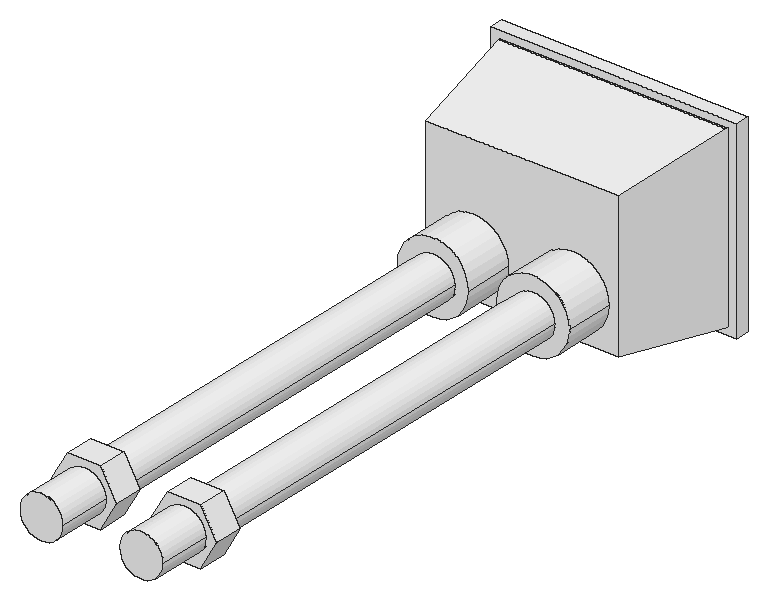
Revit family "MHY-45", category Plumbing Fixtures, host Wall, Revit 2026
Family settings
  Host = Wall
  Round Connector Dimension = Use Diameter
  Part Type = Normal
  Classification Number = 23.45.05.21.11
  Enable Cutting in Views = No
  Always vertical = Yes
  Cut with Voids When Loaded = No
  Maintain Annotation Orientation = No
  Shared = No
  Room Calculation Point = No
Parameters (values of type "MHY-45-20")
  Wall Thikness = 20"
  URL = "www.mifab.com"
  Model = "MHY-45"
  Manufacturer = "MIFAB"
  Hydrant Material = Chrome Plated
  Description = "Hot And Cold Encased Non Freeze Wall Hydrant"
  Default Elevation = 0"
Types (9): name | Wall Thikness
  (no name) | 20"
  MHY-45-8 | 8"
  MHY-45-10 | 10"
  MHY-45-12 | 12"
  MHY-45-14 | 14"
  MHY-45-16 | 14"
  MHY-45-18 | 18"
  MHY-45-20 | 20"
  MHY-45-24 | 24"
Reference planes (in)
  plane 1: y = 0
  plane 2 "Center (Left/Right)": x = -0.47711
  plane 3: x = -11.10211
  plane 4: x = 10.14789
  plane 5: y = 3
  plane 6: y = -3
  plane 7: y = -2.72851
Forms (in)
  Extrusion 1, solid, material "Chrome Plated" <- "Hydrant Material"
    sketch origin (-72, 11.4502, 60.5359) x (-1, 0, 0) y (0, 0, -1)
      loop
        circle (-71.52289, 45.25) r 0.75
    from 8.96571 to 12.34034
  Extrusion 2, solid, material "Chrome Plated" <- "Hydrant Material"
    sketch origin (-72, 9.89077, 60.5359) x (-1, 0, 0) y (0, 0, -1)
      loop
        circle (-71.52289, 45.25) r 1.1547
    from 7.70144 to 8.71577
  Extrusion 3, solid, material "Chrome Plated" <- "Hydrant Material"
    sketch origin (-70.25, 11.4502, 58.81543) x (-1, 0, 0) y (0, 0, -1)
      loop
        circle (-71.52289, 45.25) r 0.75
    from 8.77482 to 31.3252
  Extrusion 4, solid, material "Chrome Plated" <- "Hydrant Material"
    sketch origin (-70.25, 9.89077, 58.7859) x (-1, 0, 0) y (0, 0, -1)
      loop
        line (-72.10024, 44.25) -> (-70.94554, 44.25) -> (-70.36819, 45.25) -> (-70.94554, 46.25) -> (-72.10024, 46.25) -> (-72.67759, 45.25) -> (-72.10024, 44.25)
    from 7.70144 to 8.71577
  Extrusion 5, solid, material "Chrome Plated" <- "Hydrant Material"
    sketch origin (-73.75, 11.4502, 58.7859) x (-1, 0, 0) y (0, 0, -1)
      loop
        circle (-71.52289, 45.25) r 0.75
    from 8.77482 to 31.3252
  Extrusion 6, solid, material "Chrome Plated" <- "Hydrant Material"
    sketch origin (-73.75, 9.89077, 58.7859) x (-1, 0, 0) y (0, 0, -1)
      loop
        line (-72.10024, 44.25) -> (-70.94554, 44.25) -> (-70.36819, 45.25) -> (-70.94554, 46.25) -> (-72.10024, 46.25) -> (-72.67759, 45.25) -> (-72.10024, 44.25)
    from 7.70144 to 8.71577
  Extrusion 7, solid, material "Chrome Plated" <- "Hydrant Material"
    sketch origin (-72, 11.4502, 60.5359) x (-1, 0, 0) y (0, 0, -1)
      loop
        line (-72.69554, 46) -> (-72.11819, 47) -> (-72.69554, 48) -> (-73.85024, 48) -> (-74.42759, 47) -> (-73.85024, 46) -> (-72.69554, 46)
      loop
        line (-69.19554, 46) -> (-68.61819, 47) -> (-69.19554, 48) -> (-70.35024, 48) -> (-70.92759, 47) -> (-70.35024, 46) -> (-69.19554, 46)
    from 28.4502 to 29.46078
  Extrusion 8, solid, material "Chrome Plated" <- "Hydrant Material"
    sketch origin (-72, 11.4502, 60.5359) x (-1, 0, 0) y (0, 0, -1)
      loop
        arc (-72.52289, 44.5) -> (-71.52289, 44) -> (-70.52289, 44.5) r 1.25
        line (-70.52289, 44.5) -> (-69.02289, 46)
        arc (-69.02289, 46) -> (-68.77289, 47.75) -> (-70.52289, 48) r 1.25
        arc (-70.52289, 48) -> (-71.48635, 47.56159) -> (-72.47199, 47.94756) r 1.35865
        arc (-72.47199, 47.94756) -> (-74.25353, 47.77496) -> (-74.02289, 46) r 1.24548
        line (-74.02289, 46) -> (-72.52289, 44.5)
    from 10.2752 to 12.34034
  Extrusion 9, solid, material "Chrome Plated" <- "Hydrant Material"
    sketch origin (0, -6.82, 12.5359) x (1, 0, 0) y (0, 1, 0)
      loop
        line (-4.78961, 10.32) -> (-4.78961, 9.82) -> (3.83539, 9.82) -> (3.83539, 10.32) -> (-4.78961, 10.32)
    from -1.3002 to 5.4498
  Extrusion 10, solid, material "Chrome Plated" <- "Hydrant Material"
    sketch origin (0, -7.5, 12.5359) x (1, 0, 0) y (0, 1, 0)
      loop
        line (-4.47711, 10.5) -> (-4.47711, 6.5) -> (3.52289, 6.5) -> (3.52289, 10.5) -> (-4.47711, 10.5)
    from -1.0502 to 5.1998
  Extrusion 11, void
    sketch origin (-0.47711, -5.72851, -2.0748) x (0, 1, 0) y (0, 0, 1)
      loop
        line (8.66023, 19.8105) -> (4.72851, 19.8105) -> (4.72851, 19.20916) -> (8.66023, 19.8105)
      loop
        line (8.66023, 13.5605) -> (4.72851, 14.16185) -> (4.72851, 13.5605) -> (8.66023, 13.5605)
    from -4 to 4
  Extrusion 12, void
    sketch origin (0, -5.72851, 12.5359) x (1, 0, 0) y (0, 1, 0)
      loop
        line (-4.47711, 8.72851) -> (-4.47711, 4.72851) -> (-3.85539, 4.72851) -> (-4.47711, 8.72851)
      loop
        line (3.52289, 8.72851) -> (2.90118, 4.72851) -> (3.52289, 4.72851) -> (3.52289, 8.72851)
    from -1.0502 to 5.1998
  Extrusion 13, solid, material "Chrome Plated" <- "Hydrant Material"
    sketch origin (-72, -8.72851, 60.5359) x (-1, 0, 0) y (0, 0, 1)
      loop
        circle (-73.27289, -46.97047) r 1.2743
      loop
        circle (-69.77289, -47) r 1.25
    from 6 to 7.72851
Cuts and joins
  Extrusion 11, Extrusion 12 cuts Extrusion 10
Text (in)
  text "Placement Side" at (0, 40.15149, 123.01588), in view "Right"
  text "Placement Side" at (-70.3804, 45.82615, 0), in view "Ref. Level"
  text "Placement Side" at (0, 47.49176, 113.10569), in view "Left"
Dimensions and locks (in)
  equal spacing: plane 3, plane 2 "Center (Left/Right)", plane 4
  plane 3 to plane 4 = 21 1/4"
  locked: Extrusion 2 to Extrusion 2 at 1.01433
  locked: Extrusion 4 to Extrusion 4 at 1.01433
  locked: Extrusion 6 to Extrusion 6 at 1.01433
  locked: Extrusion 7 to Extrusion 7 at 1.01058
  locked: Extrusion 5 to Extrusion 7 at 2.875
  locked: Extrusion 10 sketch curve to Extrusion 9 at 4
  locked: Extrusion 8 to Extrusion 2 at 1.01433
  "Wall Thikness": Extrusion 9 to Extrusion 7
  locked: plane 5 to Extrusion 9 at 0.5
  aligned and locked: plane 6 to host wall
  aligned and locked: Extrusion 5 to Extrusion 3
  aligned and locked: Extrusion 3 to Extrusion 5
  aligned and locked: Extrusion 10 to Extrusion 9
  aligned and locked: Extrusion 11 to Extrusion 10
  aligned and locked: Extrusion 10 to Extrusion 11
  aligned and locked: Extrusion 12 to Extrusion 10
  aligned and locked: Extrusion 10 to Extrusion 12
  aligned and locked: plane 7 to Extrusion 13
  aligned and locked: Extrusion 9 to host wall
Automatic sketch dimensions
  Extrusion 1 sketch curve to plane 2 "Center (Left/Right)" = 0"
  level to Extrusion 1 sketch curve = 0.6752"
  Extrusion 2 sketch curve to plane 2 "Center (Left/Right)" = 0"
  level to Extrusion 2 sketch curve = 0.6752"
  plane 2 "Center (Left/Right)" to Extrusion 3 sketch curve = 1 3/4"
  Extrusion 3 sketch curve to level = 1.04527"
  Extrusion 4 sketch curve to level = 1.0748"  (x2)
  plane 2 "Center (Left/Right)" to Extrusion 4 sketch curve = 2.9047"
  Extrusion 4 sketch curve to level = 0.0748"
  Extrusion 4 sketch curve to Extrusion 4 sketch curve = 0.57735"  (x2)
  Extrusion 4 sketch curve to Extrusion 4 sketch curve = 1.1547"  (x2)
  plane 2 "Center (Left/Right)" to Extrusion 4 sketch curve = 0.5953"
  Extrusion 4 sketch curve to Extrusion 4 sketch curve = 1"
  Extrusion 5 sketch curve to plane 2 "Center (Left/Right)" = 1 3/4"
  Extrusion 5 sketch curve to level = 1.0748"
  Extrusion 6 sketch curve to plane 2 "Center (Left/Right)" = 0.5953"
  Extrusion 6 sketch curve to level = 0.0748"
  Extrusion 6 sketch curve to Extrusion 6 sketch curve = 0.57735"  (x3)
  Extrusion 6 sketch curve to Extrusion 6 sketch curve = 1.1547"  (x2)
  Extrusion 6 sketch curve to level = 1.0748"  (x2)
  Extrusion 6 sketch curve to Extrusion 6 sketch curve = 1"
  Extrusion 7 sketch curve to level = 1.0748"  (x4)
  plane 2 "Center (Left/Right)" to Extrusion 7 sketch curve = 2.9047"
  Extrusion 7 sketch curve to level = 0.0748"  (x2)
  Extrusion 7 sketch curve to Extrusion 7 sketch curve = 0.57735"  (x5)
  Extrusion 7 sketch curve to Extrusion 7 sketch curve = 1.1547"  (x4)
  plane 2 "Center (Left/Right)" to Extrusion 7 sketch curve = 0.5953"
  Extrusion 7 sketch curve to plane 2 "Center (Left/Right)" = 0.5953"
  Extrusion 7 sketch curve to Extrusion 7 sketch curve = 1"  (x2)
  Extrusion 8 sketch curve to level = 0.0748"  (x2)
  plane 2 "Center (Left/Right)" to Extrusion 8 sketch curve = 2 1/2"
  level to Extrusion 8 sketch curve = 1.4252"
  Extrusion 8 sketch curve to plane 2 "Center (Left/Right)" = 0"  (x2)
  plane 2 "Center (Left/Right)" to Extrusion 8 sketch curve = 1"
  Extrusion 8 sketch curve to plane 2 "Center (Left/Right)" = 1"  (x2)
  Extrusion 8 sketch curve to Extrusion 8 sketch curve = 1 1/2"
  Extrusion 8 sketch curve to Extrusion 8 sketch curve = 0.74366"
  plane 2 "Center (Left/Right)" to Extrusion 8 sketch curve = 0.94909"
  Extrusion 8 sketch curve to Extrusion 8 sketch curve = 3/4"
  level to Extrusion 8 sketch curve = 0.6752"
  Extrusion 8 sketch curve to level = 1.0739"
  Extrusion 8 sketch curve to level = 1.0748"
  host wall to Extrusion 9 sketch curve = 0"
  host wall to Extrusion 9 sketch curve = 1/2"
  Extrusion 9 sketch curve to plane 2 "Center (Left/Right)" = 4 5/16"
  plane 2 "Center (Left/Right)" to Extrusion 9 sketch curve = 4 5/16"
  host wall to Extrusion 10 sketch curve = 0"
  Extrusion 10 sketch curve to plane 2 "Center (Left/Right)" = 4"
  plane 2 "Center (Left/Right)" to Extrusion 10 sketch curve = 4"
  host wall to Extrusion 11 sketch curve = 1"  (x2)
  Extrusion 11 sketch curve to level = 3 1/8"
  Extrusion 11 sketch curve to host wall = 0.06828"  (x2)
  Extrusion 11 sketch curve to Extrusion 11 sketch curve = 0.60135"  (x2)
  level to Extrusion 11 sketch curve = 2.52365"
  Extrusion 12 sketch curve to host wall = 0"  (x2)
  Extrusion 12 sketch curve to plane 2 "Center (Left/Right)" = 4"
  host wall to Extrusion 12 sketch curve = 1"  (x2)
  Extrusion 12 sketch curve to Extrusion 12 sketch curve = 0.62172"
  plane 2 "Center (Left/Right)" to Extrusion 12 sketch curve = 3.37828"
  plane 2 "Center (Left/Right)" to Extrusion 12 sketch curve = 4"
  plane 2 "Center (Left/Right)" to Extrusion 13 sketch curve = 1 3/4"
  Extrusion 13 sketch curve to plane 2 "Center (Left/Right)" = 1 3/4"
  Extrusion 13 sketch curve to level = 1.0748"
  Extrusion 13 sketch curve to level = 1.04527"
  radius of Extrusion 1 sketch curve = 3/4"
  radius of Extrusion 2 sketch curve = 1.1547"
  radius of Extrusion 3 sketch curve = 3/4"
  radius of Extrusion 5 sketch curve = 3/4"
  radius of Extrusion 13 sketch curve = 1.2743"
  radius of Extrusion 13 sketch curve = 1 1/4"
